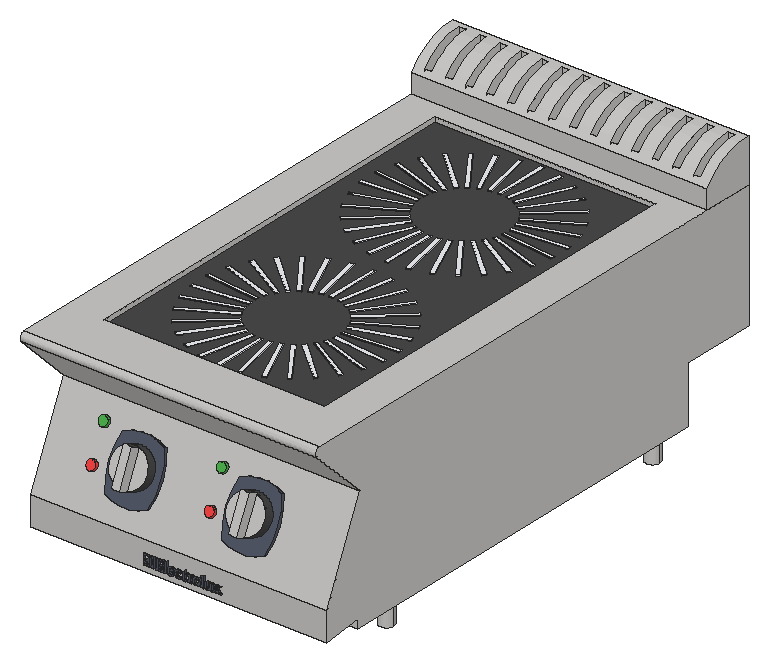
Revit family "QF_ELECTROLUXPROFESSIONAL_371175_E7INED200P", category Specialty Equipment, Revit 2018
Family settings
  Round Connector Dimension = Use Diameter
  Part Type = Normal
  Work Plane-Based = No
  Always vertical = Yes
  Cut with Voids When Loaded = No
  Shared = No
  Room Calculation Point = No
Parameters
  Width = 400 mm  # constant formula
  Weight in Pounds = 44  # constant formula
  Watts = 10000 VA  # 10000 W
  Volts = 400 V  # constant formula
  URL Cutsheet = "www.electrolux.com/foodservice"
  URL = "www.electrolux.com/foodservice"
  Type Mark [instance] = ""
  Status [instance] = ""
  Specification by User [instance] = ""
  Specification by Manufacturer = ""
  Show Logo [instance] = yes
  Show Clearance [instance] = yes
  Serial Number = ""
  Seismic Rating = ""
  SMACNA No = ""
  Revision Code [instance] = ""
  Phase = 3  # constant formula
  Omniclass Number and Title = ""
  Number of Poles [instance] = 1
  NAFEM Spec ID Number = ""
  Model = "371175"
  Min Ckt Ampacity = 0 A
  Max Overcurrent Protection = 0 A
  Masterspec = ""
  Manufacturer = "ELECTROLUX"
  Item Number [instance] = ""
  Installed By [instance] = ""
  Identify Quantity as Lot [instance] = yes
  Height = 332 mm  # constant formula
  HP = "13.4 HP"
  Furnished By [instance] = ""
  Foodservice Equipment Identifier [instance] = yes
  FL Amps = if(Phase = 3, Watts / (Volts * 1.73), Watts / Volts)  # 14.4509 A
  Electrical Remarks [instance] = "400 V/3 ph/50/60 Hz"  # constant formula
  Electric Connection Type [instance] = ""
  Elec Conn RI Height [instance] = 0 mm
  Elec Conn Connection Height [instance] = 0 mm
  Direct Waste Size = 0"
  Description = "700XP 2 Zone Hot Plate Electric Induction Cooking Top HP - 400V"
  Depth = 730 mm  # constant formula
  Cycle = if([60 Hertz Option], 60 Hz, 50 Hz)  # 60 Hz
  Conn Plug = ""
  Conn Conduit = yes
  CSI MasterFormat = ""
  CSI Master Format = ""
  Base Height [instance] = 24 mm  # constant formula
  Assembly Code = ""
  Apparent Power = if(Phase = 3, Volts * FL Amps * 1.73, Volts * FL Amps)  # 10000 VA
  60 Hertz Option = not([50 Hertz Option])  # yes
  50 Hertz Option = no
Reference planes
  plane 1 "BACK": y = 0
  plane 2: z = 0
  plane 3 "LEFT": x = 0
  plane 4 "RIGHT": x = 400
  plane 5 "FRONT": y = -730
  plane 6 "TOP": z = 332
  plane 7 "Center Y": x = 200
  plane 8 "Center X": y = -365
  plane 9 "BASE": z = 24
  plane 10 "TOP A": z = 273.238
  plane 11: y = -597.884
  plane 12: y = -147.637
Forms (mm)
  Extrusion 1, solid, material "QF_Finishes_Stainless Steel"
    sketch origin (0, 0, 0) x (0, 1, 0) y (0, 0, 1)
      loop
        line (0, 273.237) -> (-725.027, 273.237)
        arc (-725.027, 273.237) -> (-730.893, 269.318) -> (-729.517, 262.397) r 6.35
        line (-729.517, 262.397) -> (-657.416, 190.047) -> (-713.522, 69.19) -> (-713.522, 31.09) -> (-660.4, 36.7) -> (-660.4, 24) -> (-101.6, 24) -> (-101.6, 101.788) -> (0, 101.788) -> (0, 273.237)
    from 0 to 400
  Extrusion 2, solid, material "QF_Finishes_Stainless Steel"
    sketch origin (0, 0, 0) x (0, 1, 0) y (0, 0, 1)
      loop
        line (0, 273.237) -> (0, 332)
        arc (0, 332) -> (-38.885, 323.609) -> (-69.85, 298.638) r 86.116
        line (-69.85, 298.638) -> (-69.85, 273.237) -> (0, 273.237)
    from 0 to 400
  Extrusion 3, void
    sketch origin (0, 0, 273.238) x (-1, 0, 0) y (0, -1, 0)
      loop
        line (-50, 93.262) -> (-50, 653.262) -> (-350, 653.262) -> (-350, 93.262) -> (-50, 93.262)
    from 0 to -6.35
  Extrusion 4, void
    sketch origin (0, 0, 273.238) x (-1, 0, 0) y (0, -1, 0)
      loop
        line (-13.453, 6.761) -> (-13.453, 63.911) -> (-22.749, 63.911) -> (-22.749, 6.761) -> (-13.453, 6.761)
    from 25.4 to 63.5
  Extrusion 5, void
    sketch origin (400.05, 0, 273.237) x (1, 0, 0) y (0, 1, 0)
      loop
        line (-13.503, -6.761) -> (-22.799, -6.761) -> (-22.799, -63.911) -> (-13.503, -63.911) -> (-13.503, -6.761)
    from 25.4 to 63.5
  Extrusion 6, void
    sketch origin (27.988, 0, 273.238) x (-1, 0, 0) y (0, -1, 0)
      loop
        line (-13.453, 6.761) -> (-13.453, 63.911) -> (-22.749, 63.911) -> (-22.749, 6.761) -> (-13.453, 6.761)
    from 25.4 to 63.5
  Extrusion 7, void
    sketch origin (55.977, 0, 273.238) x (-1, 0, 0) y (0, -1, 0)
      loop
        line (-13.453, 6.761) -> (-13.453, 63.911) -> (-22.749, 63.911) -> (-22.749, 6.761) -> (-13.453, 6.761)
    from 25.4 to 63.5
  Extrusion 8, void
    sketch origin (83.965, 0, 273.238) x (-1, 0, 0) y (0, -1, 0)
      loop
        line (-13.428, 6.761) -> (-13.428, 63.911) -> (-22.724, 63.911) -> (-22.724, 6.761) -> (-13.428, 6.761)
    from 25.4 to 63.5
  Extrusion 9, void
    sketch origin (111.953, 0, 273.238) x (-1, 0, 0) y (0, -1, 0)
      loop
        line (-13.428, 6.761) -> (-13.428, 63.911) -> (-22.724, 63.911) -> (-22.724, 6.761) -> (-13.428, 6.761)
    from 25.4 to 63.5
  Extrusion 10, void
    sketch origin (139.942, 0, 273.237) x (-1, 0, 0) y (0, -1, 0)
      loop
        line (-13.428, 6.761) -> (-13.428, 63.911) -> (-22.724, 63.911) -> (-22.724, 6.761) -> (-13.428, 6.761)
    from 25.4 to 63.5
  Extrusion 11, void
    sketch origin (167.93, 0, 273.237) x (-1, 0, 0) y (0, -1, 0)
      loop
        line (-13.428, 6.761) -> (-13.428, 63.911) -> (-22.724, 63.911) -> (-22.724, 6.761) -> (-13.428, 6.761)
    from 25.4 to 63.5
  Extrusion 12, void
    sketch origin (195.918, 0, 273.237) x (-1, 0, 0) y (0, -1, 0)
      loop
        line (-13.428, 6.761) -> (-13.428, 63.911) -> (-22.724, 63.911) -> (-22.724, 6.761) -> (-13.428, 6.761)
    from 25.4 to 63.5
  Extrusion 13, void
    sketch origin (223.907, 0, 273.237) x (-1, 0, 0) y (0, -1, 0)
      loop
        line (-13.428, 6.761) -> (-13.428, 63.911) -> (-22.724, 63.911) -> (-22.724, 6.761) -> (-13.428, 6.761)
    from 25.4 to 63.5
  Extrusion 14, void
    sketch origin (251.895, 0, 273.237) x (-1, 0, 0) y (0, -1, 0)
      loop
        line (-13.428, 6.761) -> (-13.428, 63.911) -> (-22.724, 63.911) -> (-22.724, 6.761) -> (-13.428, 6.761)
    from 25.4 to 63.5
  Extrusion 15, void
    sketch origin (279.884, 0, 273.237) x (-1, 0, 0) y (0, -1, 0)
      loop
        line (-13.403, 6.761) -> (-13.403, 63.911) -> (-22.699, 63.911) -> (-22.699, 6.761) -> (-13.403, 6.761)
    from 25.4 to 63.5
  Extrusion 16, void
    sketch origin (307.872, 0, 273.237) x (-1, 0, 0) y (0, -1, 0)
      loop
        line (-13.403, 6.761) -> (-13.403, 63.911) -> (-22.699, 63.911) -> (-22.699, 6.761) -> (-13.403, 6.761)
    from 25.4 to 63.5
  Extrusion 17, void
    sketch origin (335.86, 0, 273.237) x (-1, 0, 0) y (0, -1, 0)
      loop
        line (-13.403, 6.761) -> (-13.403, 63.911) -> (-22.699, 63.911) -> (-22.699, 6.761) -> (-13.403, 6.761)
    from 25.4 to 63.5
  Extrusion 18, solid, material "QF_Finishes_Stainless Steel"
    sketch origin (0, 0, 0) x (1, 0, 0) y (0, 1, 0)
      loop
        circle (11.112, -147.638) r 9.525
      loop
        circle (11.112, -597.884) r 9.525
      loop
        circle (388.887, -147.638) r 9.525
      loop
        circle (388.887, -597.884) r 9.525
    from 0 to 24
  Extrusion 19, solid, material "QF_Finishes_Navy Blue"
    sketch origin (-40.325, -713.522, 69.19) x (0, 0.421077, 0.907025) y (-1, 0, 0)
      loop
        arc (101.077, -132.565) -> (66.2, -125.548) -> (31.333, -132.61) r 89.894
        arc (31.333, -132.61) -> (24.638, -161.14) -> (31.333, -189.671) r 64.14
        arc (31.333, -189.671) -> (66.2, -196.736) -> (101.077, -189.715) r 89.853
        arc (101.077, -189.715) -> (107.792, -161.14) -> (101.077, -132.565) r 64.16
    from 0 to 3.175
  Extrusion 20, solid, material "QF_Finishes_Stainless Steel"
    sketch origin (-40.325, -716.402, 70.527) x (0, 0.421077, 0.907025) y (-1, 0, 0)
      loop
        circle (68.826, -160.963) r 25.4
    from 0 to 12.7
  Extrusion 21, solid, material "QF_Finishes_Stainless Steel"
    sketch origin (-40.325, -727.921, 75.875) x (0, 0.421077, 0.907025) y (-1, 0, 0)
      loop
        arc (93.558, -166.749) -> (94.226, -160.963) -> (93.558, -155.177) r 25.4
        line (93.558, -155.177) -> (44.094, -155.177)
        arc (44.094, -155.177) -> (43.426, -160.963) -> (44.094, -166.749) r 25.4
        line (44.094, -166.749) -> (93.558, -166.749)
    from 0 to 12.7
  Extrusion 22, solid, material "QF_Finishes_Green"
    sketch origin (-95, -709.311, 78.261) x (0, 0.421077, 0.907025) y (-1, 0, 0)
      loop
        circle (93.566, -160.648) r 6.35
    from 0 to 3.175
  Extrusion 23, solid, material "QF_Finishes_Red"
    sketch origin (-95, -719.312, 56.719) x (0, 0.421077, 0.907025) y (-1, 0, 0)
      loop
        circle (68.272, -160.648) r 6.4
    from 0 to 3.175
  Extrusion 24, solid, material "QF_Finishes_Stainless Steel"
    sketch origin (0, -101.6, 101.788) x (0, 0, -1) y (-1, 0, 0)
      loop
        circle (43.882, -336.5) r 12.7
    from 0 to 12.7
  Extrusion 25, solid, material "QF_Finishes_Clearance", visible <- "Show Clearance", detail levels coarse
    sketch origin (0, 0, 0) x (1, 0, 0) y (0, 1, 0)
      loop
        line (0, -731.377) -> (0, 0) -> (400, 0) -> (400, -731.377) -> (550.019, -731.377) -> (550.019, 150.019) -> (-150.019, 150.019) -> (-150.019, -731.377) -> (0, -731.377)
    from 0 to 332
  Extrusion 26, solid, material "QF_Finishes_Navy Blue", visible <- "Show Logo"
    sketch origin (-134.192, -713.772, 32.49) x (0, 0, 1) y (-1, 0, 0)
      loop
        line (20.674, -296.698) -> (8.307, -296.698)
        arc (8.307, -296.698) -> (14.491, -301.27) -> (20.674, -296.698) r 6.467
      loop
        arc (20.674, -296.069) -> (19.505, -290.926) -> (14.849, -288.448) r 6.338
        line (14.849, -288.448) -> (14.849, -290.494)
        arc (14.849, -290.494) -> (16.333, -294.149) -> (19.778, -296.069) r 5.941
        line (19.778, -296.069) -> (20.674, -296.069)
      loop
        arc (9.203, -296.069) -> (12.648, -294.149) -> (14.132, -290.494) r 5.941
        line (14.132, -290.494) -> (14.132, -288.448)
        arc (14.132, -288.448) -> (9.438, -290.922) -> (8.148, -296.069) r 6.504
        line (8.148, -296.069) -> (9.203, -296.069)
      loop
        line (21.349, -287.979) -> (7.604, -287.979) -> (7.604, -301.742) -> (21.349, -301.742) -> (21.349, -287.979)
      loop
        arc (21.432, -304.71) -> (21.085, -304.352) -> (20.718, -304.69) r 0.358
        arc (20.718, -304.69) -> (20.404, -305.44) -> (19.687, -305.825) r 1.216
        line (19.687, -305.825) -> (9.274, -305.825)
        arc (9.274, -305.825) -> (8.614, -305.548) -> (8.218, -304.951) r 1.238
        arc (8.218, -304.951) -> (7.823, -304.7) -> (7.518, -305.054) r 0.358
        line (7.518, -305.054) -> (7.518, -314.933) -> (10.269, -314.933) -> (10.269, -314.036)
        arc (10.269, -314.036) -> (9.36, -313.456) -> (8.904, -312.479) r 1.928
        line (8.904, -312.479) -> (8.904, -309.98)
        arc (8.904, -309.98) -> (9.18, -309.251) -> (9.868, -308.887) r 1.101
        line (9.868, -308.887) -> (13.955, -308.887) -> (13.955, -312.561)
        arc (13.955, -312.561) -> (13.602, -313.058) -> (13.037, -313.286) r 1.083
        arc (13.037, -313.286) -> (12.773, -313.591) -> (13.065, -313.869) r 0.292
        line (13.065, -313.869) -> (16.028, -313.869)
        arc (16.028, -313.869) -> (16.33, -313.596) -> (16.092, -313.266) r 0.305
        arc (16.092, -313.266) -> (15.601, -313.018) -> (15.296, -312.561) r 1.083
        line (15.296, -312.561) -> (15.296, -308.887) -> (19.973, -308.887) -> (19.973, -312.635)
        arc (19.973, -312.635) -> (19.759, -313.39) -> (19.153, -313.888) r 1.314
        arc (19.153, -313.888) -> (18.934, -314.292) -> (19.288, -314.585) r 0.361
        line (19.288, -314.585) -> (21.432, -314.585) -> (21.432, -304.71)
      loop
        arc (20.715, -315.365) -> (20.335, -316.284) -> (19.416, -316.664) r 1.299
        line (19.416, -316.664) -> (9.837, -316.664)
        arc (9.837, -316.664) -> (8.999, -316.286) -> (8.728, -315.408) r 1.118
        line (8.728, -315.408) -> (7.518, -315.408) -> (7.518, -320.758) -> (8.706, -320.758)
        arc (8.706, -320.758) -> (8.978, -319.841) -> (9.848, -319.445) r 1.153
        line (9.848, -319.445) -> (21.92, -319.445) -> (20.715, -315.365)
      loop
        line (12.483, -323.394) -> (12.483, -329.842) -> (13.282, -329.842)
        arc (13.282, -329.842) -> (15.862, -328.857) -> (17.131, -326.404) r 3.874
        line (17.131, -326.404) -> (17.131, -324.643)
        arc (17.131, -324.643) -> (15.944, -321.778) -> (13.08, -320.592) r 4.051
        line (13.08, -320.592) -> (11.072, -320.592)
        arc (11.072, -320.592) -> (8.253, -322.077) -> (7.202, -325.084) r 4.352
        arc (7.202, -325.084) -> (7.566, -327.547) -> (8.943, -329.621) r 5.713
        line (8.943, -329.621) -> (9.892, -329.621)
        arc (9.892, -329.621) -> (9.16, -328.052) -> (8.943, -326.334) r 5.579
        arc (8.943, -326.334) -> (9.737, -324.371) -> (11.616, -323.394) r 3.057
        line (11.616, -323.394) -> (12.483, -323.394)
      loop
        line (13.742, -323.394) -> (13.742, -326.977)
        arc (13.742, -326.977) -> (15.199, -327.024) -> (16.082, -325.864) r 1.59
        line (16.082, -325.864) -> (16.082, -325.034)
        arc (16.082, -325.034) -> (15.217, -323.779) -> (13.742, -323.394) r 2.184
      loop
        arc (16.533, -339.259) -> (17.022, -337.585) -> (17.179, -335.848) r 9.023
        line (17.179, -335.848) -> (17.179, -334.486)
        arc (17.179, -334.486) -> (16.02, -331.686) -> (13.22, -330.527) r 3.959
        line (13.22, -330.527) -> (10.62, -330.527)
        arc (10.62, -330.527) -> (8.338, -331.819) -> (7.221, -334.192) r 4.331
        line (7.221, -334.192) -> (7.221, -336.327)
        arc (7.221, -336.327) -> (7.729, -337.877) -> (8.651, -339.223) r 5.772
        arc (8.651, -339.223) -> (9.412, -339.274) -> (9.499, -338.515) r 0.553
        arc (9.499, -338.515) -> (9.111, -337.781) -> (8.977, -336.962) r 2.573
        line (8.977, -336.962) -> (8.977, -335.447)
        arc (8.977, -335.447) -> (9.983, -333.806) -> (11.798, -333.163) r 2.884
        line (11.798, -333.163) -> (13.077, -333.163)
        arc (13.077, -333.163) -> (14.898, -333.723) -> (15.824, -335.388) r 2.554
        line (15.824, -335.388) -> (15.824, -336.441)
        arc (15.824, -336.441) -> (15.493, -337.369) -> (14.836, -338.104) r 2.564
        arc (14.836, -338.104) -> (14.614, -338.821) -> (15.223, -339.259) r 0.643
        line (15.223, -339.259) -> (16.533, -339.259)
      loop
        line (15.515, -339.53) -> (15.515, -341.031) -> (9.467, -341.031)
        arc (9.467, -341.031) -> (7.879, -341.688) -> (7.221, -343.276) r 2.246
        line (7.221, -343.276) -> (7.221, -344.86)
        arc (7.221, -344.86) -> (7.535, -345.725) -> (8.035, -346.496) r 4.06
        arc (8.035, -346.496) -> (8.768, -346.629) -> (9.019, -345.928) r 0.576
        arc (9.019, -345.928) -> (8.913, -345.403) -> (8.977, -344.87) r 1.69
        arc (8.977, -344.87) -> (9.519, -344.082) -> (10.425, -343.779) r 1.506
        line (10.425, -343.779) -> (15.563, -343.779) -> (15.563, -346.176) -> (16.119, -346.733) -> (16.941, -346.733) -> (16.941, -343.873) -> (20.172, -343.873) -> (15.515, -339.53)
      loop
        line (7.438, -347.63) -> (7.438, -353.017) -> (8.548, -353.017)
        arc (8.548, -353.017) -> (8.942, -352.066) -> (9.893, -351.672) r 1.345
        line (9.893, -351.672) -> (13.509, -351.672)
        arc (13.509, -351.672) -> (14.274, -352.264) -> (14.564, -353.186) r 1.615
        line (14.564, -353.186) -> (14.564, -354.742) -> (17.119, -355.427) -> (17.119, -354.044) -> (15.177, -351.485) -> (17.057, -351.485) -> (16.773, -348.779)
        arc (16.773, -348.779) -> (16.333, -348.249) -> (15.674, -348.45) r 0.621
        arc (15.674, -348.45) -> (15.274, -348.792) -> (14.78, -348.975) r 1.501
        line (14.78, -348.975) -> (9.893, -348.975)
        arc (9.893, -348.975) -> (8.942, -348.581) -> (8.548, -347.63) r 1.345
        line (8.548, -347.63) -> (7.438, -347.63)
      loop
        line (13.54, -354.964) -> (10.848, -354.964)
        arc (10.848, -354.964) -> (8.403, -356.272) -> (7.269, -358.803) r 4.288
        arc (7.269, -358.803) -> (7.205, -360.183) -> (7.269, -361.563) r 15.022
        arc (7.269, -361.563) -> (8.403, -364.094) -> (10.848, -365.401) r 4.288
        line (10.848, -365.401) -> (13.54, -365.401)
        arc (13.54, -365.401) -> (15.986, -364.094) -> (17.119, -361.563) r 4.288
        arc (17.119, -361.563) -> (17.183, -360.183) -> (17.119, -358.803) r 15.022
        arc (17.119, -358.803) -> (15.986, -356.272) -> (13.54, -354.964) r 4.288
      loop
        line (13.745, -358.078) -> (10.643, -358.078)
        arc (10.643, -358.078) -> (8.486, -360.235) -> (10.643, -362.392) r 2.157
        line (10.643, -362.392) -> (13.745, -362.392)
        arc (13.745, -362.392) -> (15.902, -360.235) -> (13.745, -358.078) r 2.157
      loop
        arc (20.726, -365.26) -> (20.355, -366.154) -> (19.461, -366.524) r 1.264
        line (19.461, -366.524) -> (9.597, -366.524)
        arc (9.597, -366.524) -> (8.727, -366.127) -> (8.455, -365.211) r 1.153
        line (8.455, -365.211) -> (7.518, -365.211) -> (7.518, -370.319) -> (8.446, -370.319)
        arc (8.446, -370.319) -> (8.805, -369.547) -> (9.597, -369.232) r 1.153
        line (9.597, -369.232) -> (21.92, -369.232) -> (20.726, -365.26)
      loop
        arc (15.846, -369.857) -> (15.647, -370.921) -> (14.678, -371.403) r 1.215
        line (14.678, -371.403) -> (9.658, -371.403)
        arc (9.658, -371.403) -> (8.043, -372.051) -> (7.322, -373.634) r 2.338
        line (7.322, -373.634) -> (7.322, -375.148)
        arc (7.322, -375.148) -> (7.497, -376.152) -> (7.999, -377.038) r 2.979
        line (7.999, -377.038) -> (7.518, -378.835) -> (7.518, -380.524) -> (16.943, -380.524) -> (16.649, -376.32) -> (15.863, -376.32)
        arc (15.863, -376.32) -> (15.507, -377.156) -> (14.755, -377.665) r 1.605
        line (14.755, -377.665) -> (9.652, -377.665)
        arc (9.652, -377.665) -> (9.232, -376.728) -> (9.159, -375.704) r 2.94
        arc (9.159, -375.704) -> (9.72, -374.603) -> (10.873, -374.16) r 1.724
        line (10.873, -374.16) -> (17.07, -374.16) -> (15.846, -369.857)
      loop
        line (16.874, -381.377) -> (15.202, -383.423) -> (12.028, -385.729) -> (8.572, -382.617)
        arc (8.572, -382.617) -> (8.335, -382.223) -> (8.357, -381.764) r 0.789
        line (8.357, -381.764) -> (7.518, -381.764) -> (7.518, -385.309) -> (8.344, -385.309)
        arc (8.344, -385.309) -> (8.686, -384.947) -> (9.176, -385.039) r 0.52
        line (9.176, -385.039) -> (10.976, -386.51) -> (8.858, -387.886)
        arc (8.858, -387.886) -> (8.457, -387.576) -> (8.37, -387.076) r 0.7
        line (8.37, -387.076) -> (7.518, -387.076) -> (7.518, -393.003) -> (8.405, -393.003)
        arc (8.405, -393.003) -> (8.472, -392.344) -> (8.866, -391.813) r 1.247
        line (8.866, -391.813) -> (13.066, -388.532) -> (15.513, -390.585) -> (16.874, -392.327) -> (16.874, -388.604) -> (15.389, -389.026) -> (13.868, -387.749) -> (15.568, -386.559) -> (16.874, -387.336) -> (16.874, -381.377)
    from 0 to 1.644
  Extrusion 27, solid, material "QF_Finishes_White"
    sketch origin (0, 0, 266.887) x (-1, 0, 0) y (0, -1, 0)
      loop
        line (-196.926, 361.478) -> (-201.926, 361.478) -> (-201.926, 288.082) -> (-196.926, 288.082) -> (-196.926, 361.478)
    from 0 to 0.8
  Extrusion 28, solid, material "QF_Finishes_White"
    sketch origin (52.177, 36.558, 266.887) x (-0.978148, 0.207912, 0) y (-0.207912, -0.978148, 0)
      loop
        line (-196.926, 361.478) -> (-201.926, 361.478) -> (-201.926, 288.082) -> (-196.926, 288.082) -> (-196.926, 361.478)
    from 0 to 0.8
  Extrusion 29, solid, material "QF_Finishes_White"
    sketch origin (-43.436, -46.607, 266.887) x (-0.978148, -0.207912, 0) y (0.207912, -0.978148, 0)
      loop
        line (-196.926, 361.478) -> (-201.926, 361.478) -> (-201.926, 288.082) -> (-196.926, 288.082) -> (-196.926, 361.478)
    from 0 to 0.8
  Extrusion 30, solid, material "QF_Finishes_White"
    sketch origin (-76.233, -101.226, 266.887) x (-0.913545, -0.406737, 0) y (0.406737, -0.913545, 0)
      loop
        line (-196.926, 361.478) -> (-201.926, 361.478) -> (-201.926, 288.082) -> (-196.926, 288.082) -> (-196.926, 361.478)
    from 0 to 0.8
  Extrusion 31, solid, material "QF_Finishes_White"
    sketch origin (-96.957, -161.471, 266.887) x (-0.809017, -0.587785, 0) y (0.587785, -0.809017, 0)
      loop
        line (-196.926, 361.478) -> (-201.926, 361.478) -> (-201.926, 288.082) -> (-196.926, 288.082) -> (-196.926, 361.478)
    from 0 to 0.8
  Extrusion 32, solid, material "QF_Finishes_White"
    sketch origin (-104.703, -224.708, 266.887) x (-0.669131, -0.743145, 0) y (0.743145, -0.669131, 0)
      loop
        line (-196.926, 361.478) -> (-201.926, 361.478) -> (-201.926, 288.082) -> (-196.926, 288.082) -> (-196.926, 361.478)
    from 0 to 0.8
  Extrusion 33, solid, material "QF_Finishes_White"
    sketch origin (-99.132, -288.174, 266.887) x (-0.5, -0.866025, 0) y (0.866025, -0.5, 0)
      loop
        line (-196.926, 361.478) -> (-201.926, 361.478) -> (-201.926, 288.082) -> (-196.926, 288.082) -> (-196.926, 361.478)
    from 0 to 0.8
  Extrusion 34, solid, material "QF_Finishes_White"
    sketch origin (-80.487, -349.094, 266.887) x (-0.309017, -0.951057, 0) y (0.951057, -0.309017, 0)
      loop
        line (-196.926, 361.478) -> (-201.926, 361.478) -> (-201.926, 288.082) -> (-196.926, 288.082) -> (-196.926, 361.478)
    from 0 to 0.8
  Extrusion 35, solid, material "QF_Finishes_White"
    sketch origin (-49.583, -404.807, 266.887) x (-0.104528, -0.994522, 0) y (0.994522, -0.104528, 0)
      loop
        line (-196.926, 361.478) -> (-201.926, 361.478) -> (-201.926, 288.082) -> (-196.926, 288.082) -> (-196.926, 361.478)
    from 0 to 0.8
  Extrusion 36, solid, material "QF_Finishes_White"
    sketch origin (-7.772, -452.877, 266.887) x (0.104528, -0.994522, 0) y (0.994522, 0.104528, 0)
      loop
        line (-196.926, 361.478) -> (-201.926, 361.478) -> (-201.926, 288.082) -> (-196.926, 288.082) -> (-196.926, 361.478)
    from 0 to 0.8
  Extrusion 37, solid, material "QF_Finishes_White"
    sketch origin (43.12, -491.203, 266.887) x (0.309017, -0.951057, 0) y (0.951057, 0.309017, 0)
      loop
        line (-196.926, 361.478) -> (-201.926, 361.478) -> (-201.926, 288.082) -> (-196.926, 288.082) -> (-196.926, 361.478)
    from 0 to 0.8
  Extrusion 38, solid, material "QF_Finishes_White"
    sketch origin (100.868, -518.111, 266.887) x (0.5, -0.866025, 0) y (0.866025, 0.5, 0)
      loop
        line (-196.926, 361.478) -> (-201.926, 361.478) -> (-201.926, 288.082) -> (-196.926, 288.082) -> (-196.926, 361.478)
    from 0 to 0.8
  Extrusion 39, solid, material "QF_Finishes_White"
    sketch origin (162.949, -532.424, 266.887) x (0.669131, -0.743145, 0) y (0.743145, 0.669131, 0)
      loop
        line (-196.926, 361.478) -> (-201.926, 361.478) -> (-201.926, 288.082) -> (-196.926, 288.082) -> (-196.926, 361.478)
    from 0 to 0.8
  Extrusion 40, solid, material "QF_Finishes_White"
    sketch origin (226.65, -533.518, 266.887) x (0.809017, -0.587785, 0) y (0.587785, 0.809017, 0)
      loop
        line (-196.926, 361.478) -> (-201.926, 361.478) -> (-201.926, 288.082) -> (-196.926, 288.082) -> (-196.926, 361.478)
    from 0 to 0.8
  Extrusion 41, solid, material "QF_Finishes_White"
    sketch origin (289.185, -521.343, 266.887) x (0.913545, -0.406737, 0) y (0.406737, 0.913545, 0)
      loop
        line (-196.926, 361.478) -> (-201.926, 361.478) -> (-201.926, 288.082) -> (-196.926, 288.082) -> (-196.926, 361.478)
    from 0 to 0.8
  Extrusion 42, solid, material "QF_Finishes_White"
    sketch origin (347.823, -496.432, 266.887) x (0.978148, -0.207912, 0) y (0.207912, 0.978148, 0)
      loop
        line (-196.926, 361.478) -> (-201.926, 361.478) -> (-201.926, 288.082) -> (-196.926, 288.082) -> (-196.926, 361.478)
    from 0 to 0.8
  Extrusion 43, solid, material "QF_Finishes_White"
    sketch origin (400, -459.875, 266.887) x (1, 0, 0) y (0, 1, 0)
      loop
        line (-196.926, 361.478) -> (-201.926, 361.478) -> (-201.926, 288.082) -> (-196.926, 288.082) -> (-196.926, 361.478)
    from 0 to 0.8
  Extrusion 44, solid, material "QF_Finishes_White"
    sketch origin (443.436, -413.268, 266.887) x (0.978148, 0.207912, 0) y (-0.207912, 0.978148, 0)
      loop
        line (-196.926, 361.478) -> (-201.926, 361.478) -> (-201.926, 288.082) -> (-196.926, 288.082) -> (-196.926, 361.478)
    from 0 to 0.8
  Extrusion 45, solid, material "QF_Finishes_White"
    sketch origin (476.233, -358.648, 266.887) x (0.913545, 0.406737, 0) y (-0.406737, 0.913545, 0)
      loop
        line (-196.926, 361.478) -> (-201.926, 361.478) -> (-201.926, 288.082) -> (-196.926, 288.082) -> (-196.926, 361.478)
    from 0 to 0.8
  Extrusion 46, solid, material "QF_Finishes_White"
    sketch origin (496.957, -298.403, 266.887) x (0.809017, 0.587785, 0) y (-0.587785, 0.809017, 0)
      loop
        line (-196.926, 361.478) -> (-201.926, 361.478) -> (-201.926, 288.082) -> (-196.926, 288.082) -> (-196.926, 361.478)
    from 0 to 0.8
  Extrusion 47, solid, material "QF_Finishes_White"
    sketch origin (504.703, -235.166, 266.887) x (0.669131, 0.743145, 0) y (-0.743145, 0.669131, 0)
      loop
        line (-196.926, 361.478) -> (-201.926, 361.478) -> (-201.926, 288.082) -> (-196.926, 288.082) -> (-196.926, 361.478)
    from 0 to 0.8
  Extrusion 48, solid, material "QF_Finishes_White"
    sketch origin (499.132, -171.701, 266.887) x (0.5, 0.866025, 0) y (-0.866025, 0.5, 0)
      loop
        line (-196.926, 361.478) -> (-201.926, 361.478) -> (-201.926, 288.082) -> (-196.926, 288.082) -> (-196.926, 361.478)
    from 0 to 0.8
  Extrusion 49, solid, material "QF_Finishes_White"
    sketch origin (480.487, -110.781, 266.887) x (0.309017, 0.951057, 0) y (-0.951057, 0.309017, 0)
      loop
        line (-196.926, 361.478) -> (-201.926, 361.478) -> (-201.926, 288.082) -> (-196.926, 288.082) -> (-196.926, 361.478)
    from 0 to 0.8
  Extrusion 50, solid, material "QF_Finishes_White"
    sketch origin (449.583, -55.068, 266.887) x (0.104528, 0.994522, 0) y (-0.994522, 0.104528, 0)
      loop
        line (-196.926, 361.478) -> (-201.926, 361.478) -> (-201.926, 288.082) -> (-196.926, 288.082) -> (-196.926, 361.478)
    from 0 to 0.8
  Extrusion 51, solid, material "QF_Finishes_White"
    sketch origin (407.772, -6.998, 266.887) x (-0.104528, 0.994522, 0) y (-0.994522, -0.104528, 0)
      loop
        line (-196.926, 361.478) -> (-201.926, 361.478) -> (-201.926, 288.082) -> (-196.926, 288.082) -> (-196.926, 361.478)
    from 0 to 0.8
  Extrusion 52, solid, material "QF_Finishes_White"
    sketch origin (356.88, 31.329, 266.887) x (-0.309017, 0.951057, 0) y (-0.951057, -0.309017, 0)
      loop
        line (-196.926, 361.478) -> (-201.926, 361.478) -> (-201.926, 288.082) -> (-196.926, 288.082) -> (-196.926, 361.478)
    from 0 to 0.8
  Extrusion 53, solid, material "QF_Finishes_White"
    sketch origin (299.132, 58.236, 266.887) x (-0.5, 0.866025, 0) y (-0.866025, -0.5, 0)
      loop
        line (-196.926, 361.478) -> (-201.926, 361.478) -> (-201.926, 288.082) -> (-196.926, 288.082) -> (-196.926, 361.478)
    from 0 to 0.8
  Extrusion 54, solid, material "QF_Finishes_White"
    sketch origin (237.051, 72.55, 266.887) x (-0.669131, 0.743145, 0) y (-0.743145, -0.669131, 0)
      loop
        line (-196.926, 361.478) -> (-201.926, 361.478) -> (-201.926, 288.082) -> (-196.926, 288.082) -> (-196.926, 361.478)
    from 0 to 0.8
  Extrusion 55, solid, material "QF_Finishes_White"
    sketch origin (173.35, 73.643, 266.887) x (-0.809017, 0.587785, 0) y (-0.587785, -0.809017, 0)
      loop
        line (-196.926, 361.478) -> (-201.926, 361.478) -> (-201.926, 288.082) -> (-196.926, 288.082) -> (-196.926, 361.478)
    from 0 to 0.8
  Extrusion 56, solid, material "QF_Finishes_White"
    sketch origin (110.815, 61.468, 266.887) x (-0.913545, 0.406737, 0) y (-0.406737, -0.913545, 0)
      loop
        line (-196.926, 361.478) -> (-201.926, 361.478) -> (-201.926, 288.082) -> (-196.926, 288.082) -> (-196.926, 361.478)
    from 0 to 0.8
  Extrusion 57, solid, material "QF_Finishes_White"
    sketch origin (0, -285, 266.887) x (-1, 0, 0) y (0, -1, 0)
      loop
        line (-196.926, 361.478) -> (-201.926, 361.478) -> (-201.926, 288.082) -> (-196.926, 288.082) -> (-196.926, 361.478)
    from 0 to 0.8
  Extrusion 58, solid, material "QF_Finishes_White"
    sketch origin (52.177, -248.442, 266.887) x (-0.978148, 0.207912, 0) y (-0.207912, -0.978148, 0)
      loop
        line (-196.926, 361.478) -> (-201.926, 361.478) -> (-201.926, 288.082) -> (-196.926, 288.082) -> (-196.926, 361.478)
    from 0 to 0.8
  Extrusion 59, solid, material "QF_Finishes_White"
    sketch origin (-43.436, -331.607, 266.887) x (-0.978148, -0.207912, 0) y (0.207912, -0.978148, 0)
      loop
        line (-196.926, 361.478) -> (-201.926, 361.478) -> (-201.926, 288.082) -> (-196.926, 288.082) -> (-196.926, 361.478)
    from 0 to 0.8
  Extrusion 60, solid, material "QF_Finishes_White"
    sketch origin (-76.233, -386.226, 266.887) x (-0.913545, -0.406737, 0) y (0.406737, -0.913545, 0)
      loop
        line (-196.926, 361.478) -> (-201.926, 361.478) -> (-201.926, 288.082) -> (-196.926, 288.082) -> (-196.926, 361.478)
    from 0 to 0.8
  Extrusion 61, solid, material "QF_Finishes_White"
    sketch origin (-96.957, -446.471, 266.887) x (-0.809017, -0.587785, 0) y (0.587785, -0.809017, 0)
      loop
        line (-196.926, 361.478) -> (-201.926, 361.478) -> (-201.926, 288.082) -> (-196.926, 288.082) -> (-196.926, 361.478)
    from 0 to 0.8
  Extrusion 62, solid, material "QF_Finishes_White"
    sketch origin (-104.703, -509.708, 266.887) x (-0.669131, -0.743145, 0) y (0.743145, -0.669131, 0)
      loop
        line (-196.926, 361.478) -> (-201.926, 361.478) -> (-201.926, 288.082) -> (-196.926, 288.082) -> (-196.926, 361.478)
    from 0 to 0.8
  Extrusion 63, solid, material "QF_Finishes_White"
    sketch origin (-99.132, -573.174, 266.887) x (-0.5, -0.866025, 0) y (0.866025, -0.5, 0)
      loop
        line (-196.926, 361.478) -> (-201.926, 361.478) -> (-201.926, 288.082) -> (-196.926, 288.082) -> (-196.926, 361.478)
    from 0 to 0.8
  Extrusion 64, solid, material "QF_Finishes_White"
    sketch origin (-80.487, -634.094, 266.887) x (-0.309017, -0.951057, 0) y (0.951057, -0.309017, 0)
      loop
        line (-196.926, 361.478) -> (-201.926, 361.478) -> (-201.926, 288.082) -> (-196.926, 288.082) -> (-196.926, 361.478)
    from 0 to 0.8
  Extrusion 65, solid, material "QF_Finishes_White"
    sketch origin (-49.583, -689.807, 266.887) x (-0.104528, -0.994522, 0) y (0.994522, -0.104528, 0)
      loop
        line (-196.926, 361.478) -> (-201.926, 361.478) -> (-201.926, 288.082) -> (-196.926, 288.082) -> (-196.926, 361.478)
    from 0 to 0.8
  Extrusion 66, solid, material "QF_Finishes_White"
    sketch origin (-7.772, -737.877, 266.887) x (0.104528, -0.994522, 0) y (0.994522, 0.104528, 0)
      loop
        line (-196.926, 361.478) -> (-201.926, 361.478) -> (-201.926, 288.082) -> (-196.926, 288.082) -> (-196.926, 361.478)
    from 0 to 0.8
  Extrusion 67, solid, material "QF_Finishes_White"
    sketch origin (43.12, -776.203, 266.887) x (0.309017, -0.951057, 0) y (0.951057, 0.309017, 0)
      loop
        line (-196.926, 361.478) -> (-201.926, 361.478) -> (-201.926, 288.082) -> (-196.926, 288.082) -> (-196.926, 361.478)
    from 0 to 0.8
  Extrusion 68, solid, material "QF_Finishes_White"
    sketch origin (100.868, -803.111, 266.887) x (0.5, -0.866025, 0) y (0.866025, 0.5, 0)
      loop
        line (-196.926, 361.478) -> (-201.926, 361.478) -> (-201.926, 288.082) -> (-196.926, 288.082) -> (-196.926, 361.478)
    from 0 to 0.8
  Extrusion 69, solid, material "QF_Finishes_White"
    sketch origin (162.949, -817.424, 266.887) x (0.669131, -0.743145, 0) y (0.743145, 0.669131, 0)
      loop
        line (-196.926, 361.478) -> (-201.926, 361.478) -> (-201.926, 288.082) -> (-196.926, 288.082) -> (-196.926, 361.478)
    from 0 to 0.8
  Extrusion 70, solid, material "QF_Finishes_White"
    sketch origin (226.65, -818.518, 266.887) x (0.809017, -0.587785, 0) y (0.587785, 0.809017, 0)
      loop
        line (-196.926, 361.478) -> (-201.926, 361.478) -> (-201.926, 288.082) -> (-196.926, 288.082) -> (-196.926, 361.478)
    from 0 to 0.8
  Extrusion 71, solid, material "QF_Finishes_White"
    sketch origin (289.185, -806.343, 266.887) x (0.913545, -0.406737, 0) y (0.406737, 0.913545, 0)
      loop
        line (-196.926, 361.478) -> (-201.926, 361.478) -> (-201.926, 288.082) -> (-196.926, 288.082) -> (-196.926, 361.478)
    from 0 to 0.8
  Extrusion 72, solid, material "QF_Finishes_White"
    sketch origin (347.823, -781.432, 266.887) x (0.978148, -0.207912, 0) y (0.207912, 0.978148, 0)
      loop
        line (-196.926, 361.478) -> (-201.926, 361.478) -> (-201.926, 288.082) -> (-196.926, 288.082) -> (-196.926, 361.478)
    from 0 to 0.8
  Extrusion 73, solid, material "QF_Finishes_White"
    sketch origin (400, -744.875, 266.887) x (1, 0, 0) y (0, 1, 0)
      loop
        line (-196.926, 361.478) -> (-201.926, 361.478) -> (-201.926, 288.082) -> (-196.926, 288.082) -> (-196.926, 361.478)
    from 0 to 0.8
  Extrusion 74, solid, material "QF_Finishes_White"
    sketch origin (443.436, -698.268, 266.887) x (0.978148, 0.207912, 0) y (-0.207912, 0.978148, 0)
      loop
        line (-196.926, 361.478) -> (-201.926, 361.478) -> (-201.926, 288.082) -> (-196.926, 288.082) -> (-196.926, 361.478)
    from 0 to 0.8
  Extrusion 75, solid, material "QF_Finishes_White"
    sketch origin (476.233, -643.648, 266.887) x (0.913545, 0.406737, 0) y (-0.406737, 0.913545, 0)
      loop
        line (-196.926, 361.478) -> (-201.926, 361.478) -> (-201.926, 288.082) -> (-196.926, 288.082) -> (-196.926, 361.478)
    from 0 to 0.8
  Extrusion 76, solid, material "QF_Finishes_White"
    sketch origin (496.957, -583.403, 266.887) x (0.809017, 0.587785, 0) y (-0.587785, 0.809017, 0)
      loop
        line (-196.926, 361.478) -> (-201.926, 361.478) -> (-201.926, 288.082) -> (-196.926, 288.082) -> (-196.926, 361.478)
    from 0 to 0.8
  Extrusion 77, solid, material "QF_Finishes_White"
    sketch origin (504.703, -520.166, 266.887) x (0.669131, 0.743145, 0) y (-0.743145, 0.669131, 0)
      loop
        line (-196.926, 361.478) -> (-201.926, 361.478) -> (-201.926, 288.082) -> (-196.926, 288.082) -> (-196.926, 361.478)
    from 0 to 0.8
  Extrusion 78, solid, material "QF_Finishes_White"
    sketch origin (499.132, -456.701, 266.887) x (0.5, 0.866025, 0) y (-0.866025, 0.5, 0)
      loop
        line (-196.926, 361.478) -> (-201.926, 361.478) -> (-201.926, 288.082) -> (-196.926, 288.082) -> (-196.926, 361.478)
    from 0 to 0.8
  Extrusion 79, solid, material "QF_Finishes_White"
    sketch origin (480.487, -395.781, 266.887) x (0.309017, 0.951057, 0) y (-0.951057, 0.309017, 0)
      loop
        line (-196.926, 361.478) -> (-201.926, 361.478) -> (-201.926, 288.082) -> (-196.926, 288.082) -> (-196.926, 361.478)
    from 0 to 0.8
  Extrusion 80, solid, material "QF_Finishes_White"
    sketch origin (449.583, -340.068, 266.887) x (0.104528, 0.994522, 0) y (-0.994522, 0.104528, 0)
      loop
        line (-196.926, 361.478) -> (-201.926, 361.478) -> (-201.926, 288.082) -> (-196.926, 288.082) -> (-196.926, 361.478)
    from 0 to 0.8
  Extrusion 81, solid, material "QF_Finishes_White"
    sketch origin (407.772, -291.998, 266.887) x (-0.104528, 0.994522, 0) y (-0.994522, -0.104528, 0)
      loop
        line (-196.926, 361.478) -> (-201.926, 361.478) -> (-201.926, 288.082) -> (-196.926, 288.082) -> (-196.926, 361.478)
    from 0 to 0.8
  Extrusion 82, solid, material "QF_Finishes_White"
    sketch origin (356.88, -253.671, 266.887) x (-0.309017, 0.951057, 0) y (-0.951057, -0.309017, 0)
      loop
        line (-196.926, 361.478) -> (-201.926, 361.478) -> (-201.926, 288.082) -> (-196.926, 288.082) -> (-196.926, 361.478)
    from 0 to 0.8
  Extrusion 83, solid, material "QF_Finishes_White"
    sketch origin (299.132, -226.764, 266.887) x (-0.5, 0.866025, 0) y (-0.866025, -0.5, 0)
      loop
        line (-196.926, 361.478) -> (-201.926, 361.478) -> (-201.926, 288.082) -> (-196.926, 288.082) -> (-196.926, 361.478)
    from 0 to 0.8
  Extrusion 84, solid, material "QF_Finishes_White"
    sketch origin (237.051, -212.45, 266.887) x (-0.669131, 0.743145, 0) y (-0.743145, -0.669131, 0)
      loop
        line (-196.926, 361.478) -> (-201.926, 361.478) -> (-201.926, 288.082) -> (-196.926, 288.082) -> (-196.926, 361.478)
    from 0 to 0.8
  Extrusion 85, solid, material "QF_Finishes_White"
    sketch origin (173.35, -211.357, 266.887) x (-0.809017, 0.587785, 0) y (-0.587785, -0.809017, 0)
      loop
        line (-196.926, 361.478) -> (-201.926, 361.478) -> (-201.926, 288.082) -> (-196.926, 288.082) -> (-196.926, 361.478)
    from 0 to 0.8
  Extrusion 86, solid, material "QF_Finishes_White"
    sketch origin (110.815, -223.532, 266.887) x (-0.913545, 0.406737, 0) y (-0.406737, -0.913545, 0)
      loop
        line (-196.926, 361.478) -> (-201.926, 361.478) -> (-201.926, 288.082) -> (-196.926, 288.082) -> (-196.926, 361.478)
    from 0 to 0.8
  Extrusion 87, solid, material "QF_Finishes_Navy Blue"
    sketch origin (440.325, -713.522, 69.19) x (0, 0.421077, 0.907025) y (-1, 0, 0)
      loop
        arc (101.077, 132.565) -> (107.792, 161.14) -> (101.077, 189.715) r 64.16
        arc (101.077, 189.715) -> (66.2, 196.736) -> (31.333, 189.671) r 89.853
        arc (31.333, 189.671) -> (24.638, 161.14) -> (31.333, 132.61) r 64.14
        arc (31.333, 132.61) -> (66.2, 125.548) -> (101.077, 132.565) r 89.894
    from 0 to 3.175
  Extrusion 88, solid, material "QF_Finishes_Stainless Steel"
    sketch origin (440.325, -716.402, 70.527) x (0, 0.421077, 0.907025) y (-1, 0, 0)
      loop
        circle (68.826, 160.963) r 25.4
    from 0 to 12.7
  Extrusion 89, solid, material "QF_Finishes_Stainless Steel"
    sketch origin (440.325, -727.921, 75.875) x (0, 0.421077, 0.907025) y (-1, 0, 0)
      loop
        line (93.558, 166.749) -> (44.094, 166.749)
        arc (44.094, 166.749) -> (43.426, 160.963) -> (44.094, 155.177) r 25.4
        line (44.094, 155.177) -> (93.558, 155.177)
        arc (93.558, 155.177) -> (94.226, 160.963) -> (93.558, 166.749) r 25.4
    from 0 to 12.7
  Extrusion 90, solid, material "QF_Finishes_Green"
    sketch origin (65, -709.311, 78.261) x (0, 0.421077, 0.907025) y (-1, 0, 0)
      loop
        circle (93.566, -160.648) r 6.35
    from 0 to 3.175
  Extrusion 91, solid, material "QF_Finishes_Red"
    sketch origin (65, -719.312, 56.719) x (0, 0.421077, 0.907025) y (-1, 0, 0)
      loop
        circle (68.272, -160.648) r 6.4
    from 0 to 3.175
Cuts and joins
  Extrusion 3, Extrusion 4 cuts Extrusion 1
  Extrusion 4, Extrusion 5, Extrusion 6, Extrusion 7, Extrusion 8, Extrusion 9, Extrusion 10, Extrusion 11, Extrusion 12, Extrusion 13, Extrusion 14, Extrusion 15, Extrusion 16, Extrusion 17 cuts Extrusion 2
  joined: Extrusion 20, Extrusion 21
Lines and regions (mm)
  symbolic lines, style "QF-Clearances", visible <- "Show Clearance", detail levels coarse
    curve 1: line (-150.019, 150.019, 273.238) -> (-150.019, -731.377, 273.238)
    curve 2: line (550.019, 150.019, 273.237) -> (-150.019, 150.019, 273.238)
    curve 3: line (550.019, -731.377, 273.237) -> (550.019, 150.019, 273.237)
  symbolic lines
    curve 4: line (0, 0, 273.238) -> (400, 0, 273.237)
    curve 5: line (0, -730, 273.238) -> (0, 0, 273.238)
    curve 6: line (400, 0, 273.237) -> (400, -730, 273.237)
    curve 7: line (22.724, -6.761, 273.238) -> (22.724, -63.911, 273.238)
    curve 8: line (22.724, -63.911, 273.238) -> (13.428, -63.911, 273.238)
    curve 9: line (13.428, -63.911, 273.238) -> (13.428, -6.761, 273.238)
    curve 10: line (13.428, -6.761, 273.238) -> (22.724, -6.761, 273.238)
    curve 11: line (386.547, -6.761, 273.237) -> (386.547, -63.911, 273.237)
    curve 12: line (386.547, -63.911, 273.237) -> (377.251, -63.911, 273.237)
    curve 13: line (377.251, -63.911, 273.237) -> (377.251, -6.761, 273.237)
    curve 14: line (377.251, -6.761, 273.237) -> (386.547, -6.761, 273.237)
    curve 15: line (50.712, -6.761, 273.238) -> (50.712, -63.911, 273.238)
    curve 16: line (50.712, -63.911, 273.238) -> (41.416, -63.911, 273.238)
    curve 17: line (41.416, -63.911, 273.238) -> (41.416, -6.761, 273.238)
    curve 18: line (41.416, -6.761, 273.238) -> (50.712, -6.761, 273.238)
    curve 19: line (78.7, -6.761, 273.238) -> (78.7, -63.911, 273.238)
    curve 20: line (78.7, -63.911, 273.238) -> (69.405, -63.911, 273.238)
    curve 21: line (69.405, -63.911, 273.238) -> (69.405, -6.761, 273.238)
    curve 22: line (69.405, -6.761, 273.238) -> (78.7, -6.761, 273.238)
    curve 23: line (106.689, -6.761, 273.238) -> (106.689, -63.911, 273.238)
    curve 24: line (106.689, -63.911, 273.238) -> (97.393, -63.911, 273.238)
    curve 25: line (97.393, -63.911, 273.238) -> (97.393, -6.761, 273.238)
    curve 26: line (97.393, -6.761, 273.238) -> (106.689, -6.761, 273.238)
    curve 27: line (134.677, -6.761, 273.237) -> (134.677, -63.911, 273.237)
    curve 28: line (134.677, -63.911, 273.237) -> (125.381, -63.911, 273.237)
    curve 29: line (125.381, -63.911, 273.237) -> (125.381, -6.761, 273.237)
    curve 30: line (125.381, -6.761, 273.237) -> (134.677, -6.761, 273.237)
    curve 31: line (162.665, -6.761, 273.237) -> (162.665, -63.911, 273.237)
    curve 32: line (162.665, -63.911, 273.237) -> (153.37, -63.911, 273.237)
    curve 33: line (153.37, -63.911, 273.237) -> (153.37, -6.761, 273.237)
    curve 34: line (153.37, -6.761, 273.237) -> (162.665, -6.761, 273.237)
    curve 35: line (190.654, -6.761, 273.237) -> (190.654, -63.911, 273.237)
    curve 36: line (190.654, -63.911, 273.237) -> (181.358, -63.911, 273.237)
    curve 37: line (181.358, -63.911, 273.237) -> (181.358, -6.761, 273.237)
    curve 38: line (181.358, -6.761, 273.237) -> (190.654, -6.761, 273.237)
    curve 39: line (218.642, -6.761, 273.237) -> (218.642, -63.911, 273.237)
    curve 40: line (218.642, -63.911, 273.237) -> (209.346, -63.911, 273.237)
    curve 41: line (209.346, -63.911, 273.237) -> (209.346, -6.761, 273.237)
    curve 42: line (209.346, -6.761, 273.237) -> (218.642, -6.761, 273.237)
    curve 43: line (246.605, -6.761, 273.237) -> (246.605, -63.911, 273.237)
    curve 44: line (246.605, -63.911, 273.237) -> (237.31, -63.911, 273.237)
    curve 45: line (237.31, -63.911, 273.237) -> (237.31, -6.761, 273.237)
    curve 46: line (237.31, -6.761, 273.237) -> (246.605, -6.761, 273.237)
    curve 47: line (274.594, -6.761, 273.237) -> (274.594, -63.911, 273.237)
    curve 48: line (274.594, -63.911, 273.237) -> (265.298, -63.911, 273.237)
    curve 49: line (265.298, -63.911, 273.237) -> (265.298, -6.761, 273.237)
    curve 50: line (265.298, -6.761, 273.237) -> (274.594, -6.761, 273.237)
    curve 51: line (302.582, -6.761, 273.237) -> (302.582, -63.911, 273.237)
    curve 52: line (302.582, -63.911, 273.237) -> (293.286, -63.911, 273.237)
    curve 53: line (293.286, -63.911, 273.237) -> (293.286, -6.761, 273.237)
    curve 54: line (293.286, -6.761, 273.237) -> (302.582, -6.761, 273.237)
    curve 55: line (330.57, -6.761, 273.237) -> (330.57, -63.911, 273.237)
    curve 56: line (330.57, -63.911, 273.237) -> (321.275, -63.911, 273.237)
    curve 57: line (321.275, -63.911, 273.237) -> (321.275, -6.761, 273.237)
    curve 58: line (321.275, -6.761, 273.237) -> (330.57, -6.761, 273.237)
    curve 59: line (358.559, -6.761, 273.237) -> (358.559, -63.911, 273.237)
    curve 60: line (358.559, -63.911, 273.237) -> (349.263, -63.911, 273.237)
    curve 61: line (349.263, -63.911, 273.237) -> (349.263, -6.761, 273.237)
    curve 62: line (349.263, -6.761, 273.237) -> (358.559, -6.761, 273.237)
    curve 63: line (31.725, -69.85, 273.238) -> (0, -69.85, 273.238)
    curve 64: line (0, -69.85, 273.238) -> (0, -120.65, 273.238)
    curve 65: line (0, -69.85, 273.238) -> (400, -69.85, 273.237)
    curve 66: line (400, -730, 273.237) -> (0, -730, 273.238)
    curve 67: line (50, -653.262, 266.888) -> (50, -93.262, 266.888)
    curve 68: line (50, -93.262, 266.888) -> (350, -93.262, 266.887)
    curve 69: line (350, -93.262, 266.887) -> (350, -653.262, 266.887)
    curve 70: line (350, -653.262, 266.887) -> (50, -653.262, 266.888)
    curve 71: line (201.926, -361.478, 266.887) -> (201.926, -288.082, 266.887)
    curve 72: line (201.926, -288.082, 266.887) -> (196.926, -288.082, 266.887)
    curve 73: line (196.926, -288.082, 266.887) -> (196.926, -361.478, 266.887)
    curve 74: line (196.926, -361.478, 266.887) -> (201.926, -361.478, 266.887)
    curve 75: line (174.535, -359.004, 266.887) -> (189.794, -287.212, 266.887)
    curve 76: line (189.794, -287.212, 266.887) -> (184.904, -286.172, 266.887)
    curve 77: line (184.904, -286.172, 266.887) -> (169.644, -357.964, 266.887)
    curve 78: line (169.644, -357.964, 266.887) -> (174.535, -359.004, 266.887)
    curve 79: line (229.232, -358.203, 266.887) -> (213.972, -286.411, 266.887)
    curve 80: line (213.972, -286.411, 266.887) -> (209.082, -287.451, 266.887)
    curve 81: line (209.082, -287.451, 266.887) -> (224.342, -359.243, 266.887)
    curve 82: line (224.342, -359.243, 266.887) -> (229.232, -358.203, 266.887)
    curve 83: line (255.262, -349.323, 266.887) -> (225.409, -282.272, 266.887)
    curve 84: line (225.409, -282.272, 266.887) -> (220.841, -284.306, 266.887)
    curve 85: line (220.841, -284.306, 266.887) -> (250.694, -351.356, 266.887)
    curve 86: line (250.694, -351.356, 266.887) -> (255.262, -349.323, 266.887)
    curve 87: line (278.876, -335.224, 266.887) -> (235.735, -275.846, 266.887)
    curve 88: line (235.735, -275.846, 266.887) -> (231.689, -278.785, 266.887)
    curve 89: line (231.689, -278.785, 266.887) -> (274.83, -338.163, 266.887)
    curve 90: line (274.83, -338.163, 266.887) -> (278.876, -335.224, 266.887)
    curve 91: line (299.042, -316.524, 266.887) -> (244.499, -267.413, 266.887)
    curve 92: line (244.499, -267.413, 266.887) -> (241.153, -271.129, 266.887)
    curve 93: line (241.153, -271.129, 266.887) -> (295.697, -320.24, 266.887)
    curve 94: line (295.697, -320.24, 266.887) -> (299.042, -316.524, 266.887)
    curve 95: line (314.88, -294.04, 266.887) -> (251.318, -257.342, 266.887)
    curve 96: line (251.318, -257.342, 266.887) -> (248.818, -261.672, 266.887)
    curve 97: line (248.818, -261.672, 266.887) -> (312.38, -298.37, 266.887)
    curve 98: line (312.38, -298.37, 266.887) -> (314.88, -294.04, 266.887)
    curve 99: line (325.698, -268.754, 266.887) -> (255.894, -246.074, 266.887)
    curve 100: line (255.894, -246.074, 266.887) -> (254.349, -250.829, 266.887)
    curve 101: line (254.349, -250.829, 266.887) -> (324.153, -273.51, 266.887)
    curve 102: line (324.153, -273.51, 266.887) -> (325.698, -268.754, 266.887)
    curve 103: line (331.021, -241.772, 266.887) -> (258.028, -234.1, 266.887)
    curve 104: line (258.028, -234.1, 266.887) -> (257.505, -239.073, 266.887)
    curve 105: line (257.505, -239.073, 266.887) -> (330.499, -246.745, 266.887)
    curve 106: line (330.499, -246.745, 266.887) -> (331.021, -241.772, 266.887)
    curve 107: line (330.619, -214.273, 266.887) -> (257.625, -221.945, 266.887)
    curve 108: line (257.625, -221.945, 266.887) -> (258.148, -226.917, 266.887)
    curve 109: line (258.148, -226.917, 266.887) -> (331.142, -219.245, 266.887)
    curve 110: line (331.142, -219.245, 266.887) -> (330.619, -214.273, 266.887)
    curve 111: line (324.508, -187.458, 266.887) -> (254.704, -210.138, 266.887)
    curve 112: line (254.704, -210.138, 266.887) -> (256.249, -214.894, 266.887)
    curve 113: line (256.249, -214.894, 266.887) -> (326.053, -192.213, 266.887)
    curve 114: line (326.053, -192.213, 266.887) -> (324.508, -187.458, 266.887)
    curve 115: line (312.955, -162.499, 266.887) -> (249.392, -199.197, 266.887)
    curve 116: line (249.392, -199.197, 266.887) -> (251.892, -203.527, 266.887)
    curve 117: line (251.892, -203.527, 266.887) -> (315.455, -166.829, 266.887)
    curve 118: line (315.455, -166.829, 266.887) -> (312.955, -162.499, 266.887)
    curve 119: line (296.465, -140.488, 266.887) -> (241.922, -189.6, 266.887)
    curve 120: line (241.922, -189.6, 266.887) -> (245.267, -193.316, 266.887)
    curve 121: line (245.267, -193.316, 266.887) -> (299.811, -144.204, 266.887)
    curve 122: line (299.811, -144.204, 266.887) -> (296.465, -140.488, 266.887)
    curve 123: line (275.76, -122.387, 266.887) -> (232.619, -181.765, 266.887)
    curve 124: line (232.619, -181.765, 266.887) -> (236.664, -184.704, 266.887)
    curve 125: line (236.664, -184.704, 266.887) -> (279.805, -125.326, 266.887)
    curve 126: line (279.805, -125.326, 266.887) -> (275.76, -122.387, 266.887)
    curve 127: line (251.743, -108.986, 266.887) -> (221.891, -176.036, 266.887)
    curve 128: line (221.891, -176.036, 266.887) -> (226.458, -178.07, 266.887)
    curve 129: line (226.458, -178.07, 266.887) -> (256.311, -111.019, 266.887)
    curve 130: line (256.311, -111.019, 266.887) -> (251.743, -108.986, 266.887)
    curve 131: line (225.465, -100.871, 266.887) -> (210.206, -172.663, 266.887)
    curve 132: line (210.206, -172.663, 266.887) -> (215.096, -173.702, 266.887)
    curve 133: line (215.096, -173.702, 266.887) -> (230.356, -101.91, 266.887)
    curve 134: line (230.356, -101.91, 266.887) -> (225.465, -100.871, 266.887)
    curve 135: line (198.074, -98.397, 266.887) -> (198.074, -171.792, 266.887)
    curve 136: line (198.074, -171.792, 266.887) -> (203.074, -171.792, 266.887)
    curve 137: line (203.074, -171.792, 266.887) -> (203.074, -98.397, 266.887)
    curve 138: line (203.074, -98.397, 266.887) -> (198.074, -98.397, 266.887)
    curve 139: line (170.768, -101.671, 266.887) -> (186.028, -173.463, 266.887)
    curve 140: line (186.028, -173.463, 266.887) -> (190.918, -172.424, 266.887)
    curve 141: line (190.918, -172.424, 266.887) -> (175.658, -100.632, 266.887)
    curve 142: line (175.658, -100.632, 266.887) -> (170.768, -101.671, 266.887)
    curve 143: line (144.738, -110.552, 266.887) -> (174.591, -177.602, 266.887)
    curve 144: line (174.591, -177.602, 266.887) -> (179.159, -175.569, 266.887)
    curve 145: line (179.159, -175.569, 266.887) -> (149.306, -108.518, 266.887)
    curve 146: line (149.306, -108.518, 266.887) -> (144.738, -110.552, 266.887)
    curve 147: line (121.124, -124.65, 266.887) -> (164.265, -184.029, 266.887)
    curve 148: line (164.265, -184.029, 266.887) -> (168.311, -181.09, 266.887)
    curve 149: line (168.311, -181.09, 266.887) -> (125.17, -121.711, 266.887)
    curve 150: line (125.17, -121.711, 266.887) -> (121.124, -124.65, 266.887)
    curve 151: line (100.958, -143.35, 266.887) -> (155.501, -192.462, 266.887)
    curve 152: line (155.501, -192.462, 266.887) -> (158.847, -188.746, 266.887)
    curve 153: line (158.847, -188.746, 266.887) -> (104.303, -139.635, 266.887)
    curve 154: line (104.303, -139.635, 266.887) -> (100.958, -143.35, 266.887)
    curve 155: line (85.12, -165.834, 266.887) -> (148.682, -202.532, 266.887)
    curve 156: line (148.682, -202.532, 266.887) -> (151.182, -198.202, 266.887)
    curve 157: line (151.182, -198.202, 266.887) -> (87.62, -161.504, 266.887)
    curve 158: line (87.62, -161.504, 266.887) -> (85.12, -165.834, 266.887)
    curve 159: line (74.302, -191.12, 266.887) -> (144.106, -213.801, 266.887)
    curve 160: line (144.106, -213.801, 266.887) -> (145.651, -209.046, 266.887)
    curve 161: line (145.651, -209.046, 266.887) -> (75.847, -186.365, 266.887)
    curve 162: line (75.847, -186.365, 266.887) -> (74.302, -191.12, 266.887)
    curve 163: line (68.979, -218.103, 266.887) -> (141.972, -225.775, 266.887)
    curve 164: line (141.972, -225.775, 266.887) -> (142.495, -220.802, 266.887)
    curve 165: line (142.495, -220.802, 266.887) -> (69.501, -213.13, 266.887)
    curve 166: line (69.501, -213.13, 266.887) -> (68.979, -218.103, 266.887)
    curve 167: line (69.381, -245.602, 266.887) -> (142.375, -237.93, 266.887)
    curve 168: line (142.375, -237.93, 266.887) -> (141.852, -232.958, 266.887)
    curve 169: line (141.852, -232.958, 266.887) -> (68.858, -240.629, 266.887)
    curve 170: line (68.858, -240.629, 266.887) -> (69.381, -245.602, 266.887)
    curve 171: line (75.492, -272.417, 266.887) -> (145.296, -249.736, 266.887)
    curve 172: line (145.296, -249.736, 266.887) -> (143.751, -244.981, 266.887)
    curve 173: line (143.751, -244.981, 266.887) -> (73.947, -267.662, 266.887)
    curve 174: line (73.947, -267.662, 266.887) -> (75.492, -272.417, 266.887)
    curve 175: line (87.045, -297.375, 266.887) -> (150.608, -260.677, 266.887)
    curve 176: line (150.608, -260.677, 266.887) -> (148.108, -256.347, 266.887)
    curve 177: line (148.108, -256.347, 266.887) -> (84.545, -293.045, 266.887)
    curve 178: line (84.545, -293.045, 266.887) -> (87.045, -297.375, 266.887)
    curve 179: line (103.535, -319.386, 266.887) -> (158.078, -270.275, 266.887)
    curve 180: line (158.078, -270.275, 266.887) -> (154.733, -266.559, 266.887)
    curve 181: line (154.733, -266.559, 266.887) -> (100.189, -315.671, 266.887)
    curve 182: line (100.189, -315.671, 266.887) -> (103.535, -319.386, 266.887)
    curve 183: line (124.24, -337.488, 266.887) -> (167.381, -278.109, 266.887)
    curve 184: line (167.381, -278.109, 266.887) -> (163.336, -275.17, 266.887)
    curve 185: line (163.336, -275.17, 266.887) -> (120.195, -334.549, 266.887)
    curve 186: line (120.195, -334.549, 266.887) -> (124.24, -337.488, 266.887)
    curve 187: line (148.257, -350.889, 266.887) -> (178.109, -283.839, 266.887)
    curve 188: line (178.109, -283.839, 266.887) -> (173.542, -281.805, 266.887)
    curve 189: line (173.542, -281.805, 266.887) -> (143.689, -348.855, 266.887)
    curve 190: line (143.689, -348.855, 266.887) -> (148.257, -350.889, 266.887)
    curve 191: line (201.926, -646.478, 266.887) -> (201.926, -573.082, 266.887)
    curve 192: line (201.926, -573.082, 266.887) -> (196.926, -573.082, 266.887)
    curve 193: line (196.926, -573.082, 266.887) -> (196.926, -646.478, 266.887)
    curve 194: line (196.926, -646.478, 266.887) -> (201.926, -646.478, 266.887)
    curve 195: line (174.535, -644.004, 266.887) -> (189.794, -572.212, 266.887)
    curve 196: line (189.794, -572.212, 266.887) -> (184.904, -571.172, 266.887)
    curve 197: line (184.904, -571.172, 266.887) -> (169.644, -642.964, 266.887)
    curve 198: line (169.644, -642.964, 266.887) -> (174.535, -644.004, 266.887)
    curve 199: line (229.232, -643.203, 266.887) -> (213.972, -571.411, 266.887)
    curve 200: line (213.972, -571.411, 266.887) -> (209.082, -572.451, 266.887)
    curve 201: line (209.082, -572.451, 266.887) -> (224.342, -644.243, 266.887)
    curve 202: line (224.342, -644.243, 266.887) -> (229.232, -643.203, 266.887)
    curve 203: line (255.262, -634.323, 266.887) -> (225.409, -567.272, 266.887)
    curve 204: line (225.409, -567.272, 266.887) -> (220.841, -569.306, 266.887)
    curve 205: line (220.841, -569.306, 266.887) -> (250.694, -636.356, 266.887)
    curve 206: line (250.694, -636.356, 266.887) -> (255.262, -634.323, 266.887)
    curve 207: line (278.876, -620.224, 266.887) -> (235.735, -560.846, 266.887)
    curve 208: line (235.735, -560.846, 266.887) -> (231.689, -563.785, 266.887)
    curve 209: line (231.689, -563.785, 266.887) -> (274.83, -623.163, 266.887)
    curve 210: line (274.83, -623.163, 266.887) -> (278.876, -620.224, 266.887)
    curve 211: line (299.042, -601.524, 266.887) -> (244.499, -552.413, 266.887)
    curve 212: line (244.499, -552.413, 266.887) -> (241.153, -556.129, 266.887)
    curve 213: line (241.153, -556.129, 266.887) -> (295.697, -605.24, 266.887)
    curve 214: line (295.697, -605.24, 266.887) -> (299.042, -601.524, 266.887)
    curve 215: line (314.88, -579.04, 266.887) -> (251.318, -542.342, 266.887)
    curve 216: line (251.318, -542.342, 266.887) -> (248.818, -546.672, 266.887)
    curve 217: line (248.818, -546.672, 266.887) -> (312.38, -583.37, 266.887)
    curve 218: line (312.38, -583.37, 266.887) -> (314.88, -579.04, 266.887)
    curve 219: line (325.698, -553.754, 266.887) -> (255.894, -531.074, 266.887)
    curve 220: line (255.894, -531.074, 266.887) -> (254.349, -535.829, 266.887)
    curve 221: line (254.349, -535.829, 266.887) -> (324.153, -558.51, 266.887)
    curve 222: line (324.153, -558.51, 266.887) -> (325.698, -553.754, 266.887)
    curve 223: line (331.021, -526.772, 266.887) -> (258.028, -519.1, 266.887)
    curve 224: line (258.028, -519.1, 266.887) -> (257.505, -524.073, 266.887)
    curve 225: line (257.505, -524.073, 266.887) -> (330.499, -531.745, 266.887)
    curve 226: line (330.499, -531.745, 266.887) -> (331.021, -526.772, 266.887)
    curve 227: line (330.619, -499.273, 266.887) -> (257.625, -506.945, 266.887)
    curve 228: line (257.625, -506.945, 266.887) -> (258.148, -511.917, 266.887)
    curve 229: line (258.148, -511.917, 266.887) -> (331.142, -504.245, 266.887)
    curve 230: line (331.142, -504.245, 266.887) -> (330.619, -499.273, 266.887)
    curve 231: line (324.508, -472.458, 266.887) -> (254.704, -495.138, 266.887)
    curve 232: line (254.704, -495.138, 266.887) -> (256.249, -499.894, 266.887)
    curve 233: line (256.249, -499.894, 266.887) -> (326.053, -477.213, 266.887)
    curve 234: line (326.053, -477.213, 266.887) -> (324.508, -472.458, 266.887)
    curve 235: line (312.955, -447.499, 266.887) -> (249.392, -484.197, 266.887)
    curve 236: line (249.392, -484.197, 266.887) -> (251.892, -488.527, 266.887)
    curve 237: line (251.892, -488.527, 266.887) -> (315.455, -451.829, 266.887)
    curve 238: line (315.455, -451.829, 266.887) -> (312.955, -447.499, 266.887)
    curve 239: line (296.465, -425.488, 266.887) -> (241.922, -474.6, 266.887)
    curve 240: line (241.922, -474.6, 266.887) -> (245.267, -478.316, 266.887)
    curve 241: line (245.267, -478.316, 266.887) -> (299.811, -429.204, 266.887)
